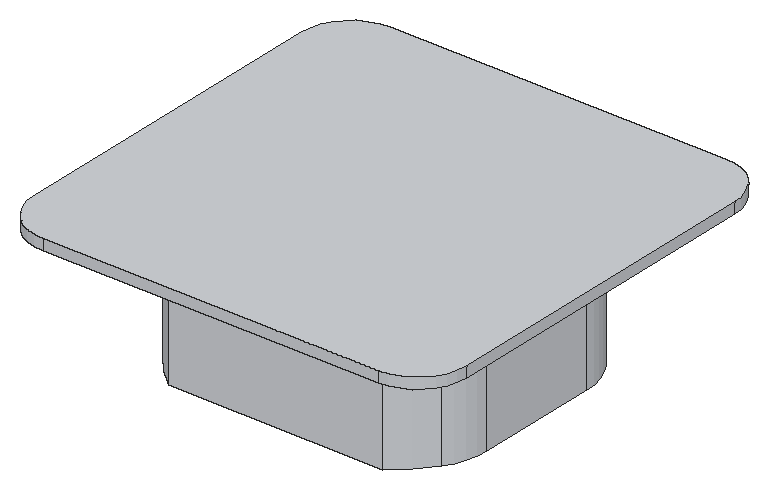
Revit family "Gira_540500", category Electrical Fixtures, host Face, Revit 2017
Family settings
  Host = Face
  Maintain Annotation Orientation = Yes
  Round Connector Dimension = Use Diameter
  Part Type = Normal
  Cut with Voids When Loaded = No
  Shared = No
  Room Calculation Point = No
Parameters (values of type "S3000 elektr. Schalteins. Einsatz")
  Zusammenstellung = "Basiselement"
  Werkstoffgüte = "sonstige"
  Werkstoff = "sonstige"
  Verwendbar mit Zeitschalter/Timer = "No"
  Verwendbar mit Taste = "Yes"
  Verwendbar mit IR-Taste = "No"
  URL = "http://katalog.gira.de/de_DE/datenblatt.html?artikelnr=540500"
  Transparent = "No"
  Region = "DE"
  Oberfläche = "sonstige"
  Name = "S3000 elektr. Schalteins. Einsatz"
  Montageart = "unter Putz"
  Manufacturer URL = "https://www.gira.de/"
  Lichtwertspeicher = "No"
  Lastart = "sonstige"
  Keynote = "Einsatz_1fach"
  HeinzeBIM = "https://bimportal.heinze.de/bim/s3000-elektr-schalteins-einsatz/36aac67ee70d806343f3c298ef95b5840b68f548"
  HAN = "540500"
  GTIN = "4010337048299"
  Farbe = "sonstige"
  Default Elevation = 1219.2 mm
  Data sheet (1) = "https://katalog.gira.de/de_DE/download.html?artikelnr=540500"
  Category = "Elektronischer Schalter"
  Befestigungsart = "Krallen-/Schraubbefestigung"
  Available = "Yes"
  Ausführung der Oberfläche = "nicht zutreffend"
  Ausführung = "sonstige"
Reference planes
  plane 1 "Center (Front/Back)": y = 0
  plane 2: z = 0
  plane 3 "Center (Left/Right)": x = 0
Forms (mm)
  Extrusion 1, solid, detail levels fine
    sketch origin (0, 0, 0) x (1, 0, 0) y (0, 1, 0)
      loop
        line (27.475, 35.475) -> (-27.475, 35.475)
        arc (-27.475, 35.475) -> (-33.132, 33.132) -> (-35.475, 27.475) r 8
        line (-35.475, 27.475) -> (-35.475, -27.475)
        arc (-35.475, -27.475) -> (-33.132, -33.132) -> (-27.475, -35.475) r 8
        line (-27.475, -35.475) -> (27.475, -35.475)
        arc (27.475, -35.475) -> (33.132, -33.132) -> (35.475, -27.475) r 8
        line (35.475, -27.475) -> (35.475, 27.475)
        arc (35.475, 27.475) -> (33.132, 33.132) -> (27.475, 35.475) r 8
    from 0 to 1.8
  Extrusion 2, solid, detail levels fine
    sketch origin (0, 0, 0) x (1, 0, 0) y (0, 1, 0)
      loop
        line (9.678, 25.4) -> (-9.678, 25.4)
        arc (-9.678, 25.4) -> (-12.885, 24.922) -> (-15.814, 23.53) r 11
        arc (-15.814, 23.53) -> (-17.795, 22.07) -> (-19.641, 20.444) r 28.35
        arc (-19.641, 20.444) -> (-21.339, 18.665) -> (-22.876, 16.745) r 28.35
        arc (-22.876, 16.745) -> (-24.456, 13.666) -> (-25, 10.248) r 11
        line (-25, 10.248) -> (-25, -10.248)
        arc (-25, -10.248) -> (-24.456, -13.666) -> (-22.876, -16.745) r 11
        arc (-22.876, -16.745) -> (-20.409, -19.677) -> (-17.569, -22.25) r 28.35
        line (-17.569, -22.25) -> (17.569, -22.25)
        arc (17.569, -22.25) -> (20.409, -19.677) -> (22.876, -16.745) r 28.35
        arc (22.876, -16.745) -> (24.456, -13.666) -> (25, -10.248) r 11
        line (25, -10.248) -> (25, 10.248)
        arc (25, 10.248) -> (24.456, 13.666) -> (22.876, 16.745) r 11
        arc (22.876, 16.745) -> (21.593, 18.37) -> (20.195, 19.897) r 28.35
        arc (20.195, 19.897) -> (18.096, 21.823) -> (15.814, 23.53) r 28.35
        arc (15.814, 23.53) -> (12.885, 24.922) -> (9.678, 25.4) r 11
    from 0 to -22
  Extrusion 3, solid, detail levels medium
    sketch origin (0, 0, 0) x (1, 0, 0) y (0, 1, 0)
      loop
        line (-25, 25.4) -> (-25, -22.25) -> (25, -22.25) -> (25, 25.4) -> (-25, 25.4)
    from 0 to -22
  Extrusion 4, solid, detail levels coarse
    sketch origin (0, 0, 0) x (1, 0, 0) y (0, 1, 0)
      loop
        line (35.475, 35.475) -> (-35.475, 35.475) -> (-35.475, -35.475) -> (35.475, -35.475) -> (35.475, 35.475)
    from -22 to 1.8
  Extrusion 5, solid, detail levels medium
    sketch origin (0, 0, 0) x (1, 0, 0) y (0, 1, 0)
      loop
        line (35.475, 35.475) -> (-35.475, 35.475) -> (-35.475, -35.475) -> (35.475, -35.475) -> (35.475, 35.475)
    from 0 to 1.8
Dimensions and locks
  aligned and locked: plane 2 to host face
  aligned and locked: level to host face
  aligned and locked: plane 3 "Center (Left/Right)" to nested 1
  aligned and locked: plane 1 "Center (Front/Back)" to nested 1
Nested families
  nested 1: "RJ45-Datendose Beschriftung" at (0, 0, 0), type "RJ45-Datendose Beschriftung"
Connectors
  electrical at (0, 0, -22)
    settings: on Extrusion 4, index 1, voltage 220 V, apparent load 0 VA, apparent load phase1 0 VA, apparent load phase2 0 VA, apparent load phase3 0 VA, power factor 1, load classification "Other", number of poles 1, system type 30, power factor state 1, is connector primary yes, connector utility no, sub classification motor no, connector description ""
Definition of nested family "RJ45-Datendose Beschriftung"
  Reference planes
    plane 1: y = 0
    plane 2: x = 0
  Lines and regions (mm)
    Filled region 1, type "Gefüllter Bereich 1"
      outline origin (0, 0, 0) x (1, 0, 0) y (0, 1, 0)
        loop
          circle (0, 2.4) r 0.4
    detail lines
      curve 1: line (0, 0, 0) -> (0, 2, 0)
      curve 2: line (0, 2, 0) -> (1.2, 2, 0)
      curve 3: line (1.2, 2, 0) -> (1.2, 3.6, 0)
      curve 4: circle (0, 2.4, 0) r 0.4 normal (0, 0, 1)
      curve 5: line (0, 2, 0) -> (-1.2, 2, 0)
      curve 6: line (-1.2, 2, 0) -> (-1.2, 3.6, 0)
